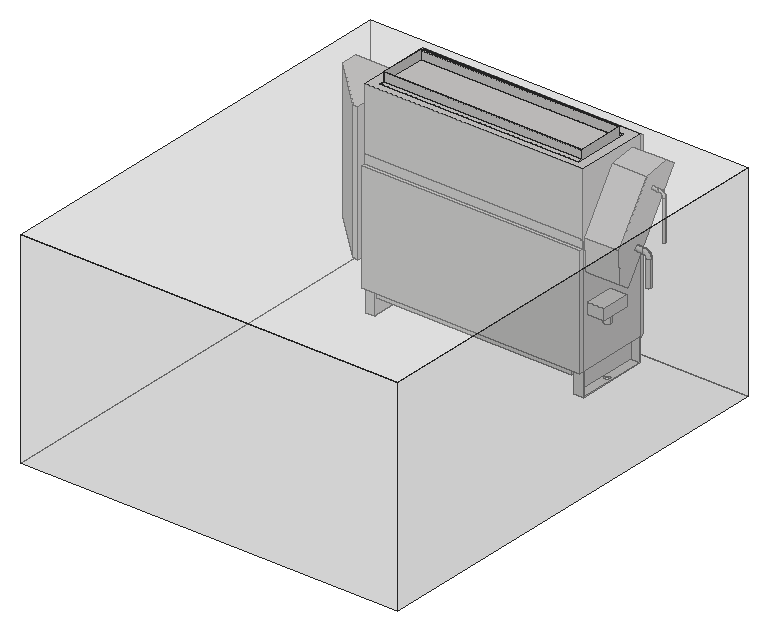
Revit family "outputfile", category 機械設備, Revit 2024
Family settings
  丸型コネクタ寸法 = 半径を使用
  パーツ タイプ = 標準
  OmniClass 番号 = 23.75.10.24.21.27.27
  OmniClass タイトル = Split System Air Conditioning Units
  作業面ベース = いいえ
  常に垂直 = はい
  ロード時にボイドで切り取り = いいえ
  注釈の向きを維持 = いいえ
  共有 = いいえ
  部屋計算ポイント = いいえ
Parameters (values of type "FXNQ25MAVE8")
  Description = ""
  製造元 = "Daikin"
  書き出し IFC クラス(タイプ) = "IfcUnitaryEquipmentType"
  定義済み IFC タイプ(タイプ) = "AIRCONDITIONINGUNIT"
  Cost = 0
  モデル = "FXNQ25MAVE8"
  Type Comments = ""
  Keynote = ""
  Type Image = (empty or 0)
  Assembly Code = ""
  w_hangerfixture = 0.0 mm
  w_dischargeflange = 564.0 mm
  w_body = 620.0 mm
  r_Liquid Pipe Size = Liquid Pipe Size / 2  # 3.2 mm
  r_Gas Pipe Size = Gas Pipe Size / 2  # 6.35 mm
  w_mounting foot = 830.0 mm
  r_Drain Pipe Size = Drain Pipe Size / 2  # 10.5 mm
  h_mountinghole = [h***] + 1.6 mm  # 1.6 mm
  lh_liquidpipe = 391.0 mm  # constant formula
  lh_gaspipe = 301.0 mm  # constant formula
  lh_drainpipe = 181.0 mm  # constant formula
  lh_antena = 583.4 mm  # constant formula
  ld_liquidpipe = 84.0 mm  # constant formula
  ld_gaspipe = 139.0 mm  # constant formula
  ld_drainpipe = 152.0 mm  # constant formula
  h*** = 0.0 mm  # constant formula
  w_front suction = 601.0 mm
  d_pipe_2 = 27.3 mm  # constant formula
  d_pipe_1 = 47.6 mm  # constant formula
  d_pipe = 71.2 mm  # constant formula
  d_body = 206.0 mm  # constant formula
  Width = 930.4 mm
  Voltage_comment_50Hz = "220-240"
  Voltage_50Hz = 220 V
  Version = "ver.1.0"
  Unit Type = "Concealed Floor Standing Type"
  Unit Mass Weight = 19.00 kg
  Unit Designation [instance] = ""
  Uniclass2015Version = "Products v1.30"
  Uniclass2015Title = "Variable refrigerant flow units"
  Uniclass2015Code = "Pr_70_65_03_94"
  URL = ""
  Total Heating Capacity [instance] = 0.000 kW
  Total Cooling Capacity [instance] = 0.000 kW
  Sound Pressure Level_M speed (dBA) = 0
  Sound Pressure Level_L speed (dBA) = 33
  Sound Pressure Level_H speed (dBA) = 36
  Sound Power Level_H speed (dB) = 0
  Series = "VRV Fan Coil Unit"
  Sensible Cooling Capacity [instance] = 0.000 kW
  SA Duct Size Width = w_dischargeflange - 2.0 mm  # 562.0 mm
  SA Duct Size Height = 130.0 mm  # constant formula
  Refrigerant Type = "R410A"
  Power Input (Heating) = 0.049 kW
  Power Input (Cooling) = 0.049 kW
  Phase_50Hz = 1
  Option Accessory 3 [instance] = ""
  Option Accessory 2 [instance] = ""
  Option Accessory 1 [instance] = ""
  Nominal Heating Capacity = 3.200 kW
  Nominal Cooling Capacity = 2.800 kW
  Minimum External Static Pressure = 0.00 Pa
  Minimum Circuit Amps_50Hz = 0.3 A
  Minimum Airflow = 360.00 m³/h
  Median Airflow = 0.00 m³/h
  Maximum Fuse Amps_50Hz = 15.0 A
  Maximum External Static Pressure = 0.00 Pa
  Maximum Airflow = 420.00 m³/h
  Material_Casing = DAIKIN_GalvanizedSteel_Casing_indoorunit
  Load Classification = HVAC
  Liquid Pipe Size = 6.4 mm
  Link_Nested Family [instance] = ""
  IfcVersion = "0"
  IfcExportType = "AIRCONDITIONINGUNIT"
  IfcExportAs = "IfcUnitaryEquipmentType"
  Height = 609.0 mm
  Heating Entering Wet Bulb Temperature [instance] = 0.00 °C
  Heating Entering Dry Bulb Temperature [instance] = 0.00 °C
  Heating Ambient Wet Bulb Temperature [instance] = 0.00 °C
  Heating Ambient Dry Bulb Temperature [instance] = 0.00 °C
  Heat Exchanger Type = "Cross Fin Coil"
  Gas Pipe Size = 12.7 mm
  Frequency_50Hz = 50 Hz
  Fan Type = "Sirocco Fan"
  Fan Drive = "Direct Drive"
  FCU Tag No. [instance] = ""
  Drain Pipe Size = 21.0 mm
  Design Supply Airflow [instance] = 0.00 m³/h
  Design External Static Pressure [instance] = 0.00 Pa
  Depth = 225.0 mm
  既定の高さ = 0.0 mm
  Cooling Entering Wet Bulb Temperature [instance] = 0.00 °C
  Cooling Entering Dry Bulb Temperature [instance] = 0.00 °C
  Cooling Ambient Wet Bulb Temperature [instance] = 0.00 °C
  Cooling Ambient Dry Bulb Temperature [instance] = 0.00 °C
  Clearance visibility [instance] = yes
  Clearance Top = 0.0 mm
  Clearance Right = 150.0 mm
  Clearance Rear = 20.0 mm
  Clearance Left = 0.0 mm
  Clearance Front = 1000.0 mm
  Clearance Bottom = 0.0 mm
Reference planes
  plane 1: y = 0
  plane 2: z = 0
  plane 3 "Center (Left/Right)": x = 0
  plane 4 "Center (Front/Back)": y = -103
  plane 5: y = -206
  plane 6: x = -310
  plane 7: x = 310
  plane 8: z = 584
  plane 9: z = 68
  plane 10 "Top": z = 609
  plane 11: z = 584
  plane 12: z = 0
  plane 13: x = -480
  plane 14: x = 594
  plane 15: y = -1218
  plane 16: y = 27
  plane 17 "Bottom": z = 0
  plane 18: x = -277
  plane 19: x = 279
  plane 20: x = -329
  plane 21 "Left": x = -480
  plane 22: z = 129
  plane 23: z = 518
  plane 24: z = 564.5
  plane 25: y = -32
  plane 26: x = 408.8
  plane 27 "ld_drainpipe": y = -152
  plane 28: z = 181
  plane 29: z = 301
  plane 30: z = 391
  plane 31: x = 337
  plane 32: x = 295
  plane 33: x = -295
  plane 34 "ld_liquidpipe": y = -84
  plane 35 "ld_gaspipe": y = -139
  plane 36: x = 444
  plane 37: z = 518.4
  plane 38: z = 388.6
  plane 39: x = 296.7
  plane 40: x = -296.7
  plane 41: x = -404.5
  plane 42: y = -42
  plane 43: y = -25.8
  plane 44 "Back": y = 7
  plane 45: y = -207
  plane 46 "Front": y = -218
  plane 47 "Right": x = 450.4
Forms (mm)
  Extrusion 1, solid, material "DAIKIN_GalvanizedSteel_Casing_indoorunit" <- "Material_Casing"
    sketch origin (0, 0, 0) x (1, 0, 0) y (0, 1, 0)
      loop
        line (-310, 0) -> (-310, -206) -> (310, -206) -> (310, 0) -> (-310, 0)
    from 68 to 584
  Extrusion 2, solid, material "DAIKIN_GalvanizedSteel_Casing_indoorunit" <- "Material_Casing"
    sketch origin (310, -206, 0) x (-1, 0, 0) y (0, 0, -1)
      loop
        line (620, -404) -> (620, -380) -> (0, -380) -> (0, -404) -> (620, -404)
    from 0 to 1
  Extrusion 3, solid, material "DAIKIN_GalvanizedSteel_Casing_indoorunit" <- "Material_Casing"
    sketch origin (310, -206, 0) x (-1, 0, 0) y (0, 0, -1)
      loop
        line (620, -380) -> (620, -68) -> (0, -68) -> (0, -380) -> (620, -380)
    from 0 to 12
  Extrusion 4, solid, material "DAIKIN_GalvanizedSteel_Casing_indoorunit" <- "Material_Casing"
    sketch origin (0, 0, 68) x (0, 1, 0) y (1, 0, 0)
      loop
        line (0, -277) -> (0, 279) -> (-206, 279) -> (-206, -277) -> (0, -277)
    from 0 to 19.6
  Extrusion 5, solid, material "DAIKIN_GalvanizedSteel_Casing_indoorunit" <- "Material_Casing"
    sketch origin (-310, -206, 0) x (0, 1, 0) y (0, 0, -1)
      loop
        circle (103, -448.5) r 12.5
      loop
        circle (103, -243.5) r 12.5
    from 0 to 19
  Extrusion 6, solid, material "DAIKIN_GalvanizedSteel_Casing_indoorunit" <- "Material_Casing"
    sketch origin (0, 0, 68) x (-1, 0, 0) y (0, -1, 0)
      loop
        line (480, 25.8) -> (480, 71.25) -> (345.25, 206) -> (329, 206) -> (329, 25.8) -> (480, 25.8)
    from 61 to 450
  Extrusion 7, solid, material "DAIKIN_GalvanizedSteel_Casing_indoorunit" <- "Material_Casing"
    sketch origin (310, 0, 0) x (0, -1, 0) y (0, 0, -1)
      loop
        line (5.208, -545.14) -> (32, -564.5) -> (104, -554.5) -> (202.913, -407.529) -> (197.289, -319.3) -> (168.604, -299.952) -> (5.208, -545.14)
    from 0 to 98.8
  Extrusion 8, solid, material "DAIKIN_GalvanizedSteel_Casing_indoorunit" <- "Material_Casing"
    sketch origin (310, 0, 0) x (0, -1, 0) y (0, 0, -1)
      loop
        line (192.5, -240) -> (192.5, -210) -> (111.5, -210) -> (111.5, -240) -> (192.5, -240)
    from 0 to 50
  Extrusion 9, solid, material "DAIKIN_GalvanizedSteel_Casing_indoorunit" <- "Material_Casing"
    sketch origin (310, -111.5, 210) x (-1, 0, 0) y (0, 1, 0)
      loop
        circle (-27, -40.5) r 10.5
    from 0 to 29
  Sweep 10, solid, material "DAIKIN_GalvanizedSteel_Casing_indoorunit" <- "Material_Casing"
    path origin (0, -84, 0) x (0, 0, 1) y (1, 0, 0)
      loop
        line (518.4, 408.8) -> (518.4, 431)
        arc (518.4, 431) -> (514.592, 440.192) -> (505.4, 444) r 13
        line (505.4, 444) -> (391, 444)
    profile origin (419.9, -84, 518.4) x (0, 0, -1) y (0, 1, 0)
      loop
        circle (0, 0) r 3.2
  Sweep 11, solid, material "DAIKIN_GalvanizedSteel_Casing_indoorunit" <- "Material_Casing"
    path origin (0, -139, 0) x (0, 0, 1) y (1, 0, 0)
      loop
        line (388.6, 408.8) -> (388.6, 431)
        arc (388.6, 431) -> (384.792, 440.192) -> (375.6, 444) r 13
        line (375.6, 444) -> (301, 444)
    profile origin (419.9, -139, 388.6) x (0, 0, -1) y (0, 1, 0)
      loop
        circle (0, 0) r 6.35
  Extrusion 12, void
    sketch origin (4267.2, 7, -304.8) x (0, 0, 1) y (1, 0, 0)
      loop
        line (552.8, -4568.2) -> (552.8, -4556.2) -> (522.8, -4556.2) -> (522.8, -4568.2) -> (552.8, -4568.2)
      loop
        line (552.8, -3978.2) -> (552.8, -3966.2) -> (522.8, -3966.2) -> (522.8, -3978.2) -> (552.8, -3978.2)
    from 0 to -5
  Extrusion 13, void
    sketch origin (4267.2, 7, -304.8) x (0, 0, 1) y (1, 0, 0)
      loop
        line (744.8, -4568.2) -> (744.8, -4556.2) -> (714.8, -4556.2) -> (714.8, -4568.2) -> (744.8, -4568.2)
      loop
        line (744.8, -3978.2) -> (744.8, -3966.2) -> (714.8, -3966.2) -> (714.8, -3978.2) -> (744.8, -3978.2)
    from 0 to -5
  Extrusion 14, solid, material "DAIKIN_GalvanizedSteel_Casing_indoorunit" <- "Material_Casing"
    sketch origin (0, 0, 0) x (0, 1, 0) y (0, 0, 1)
      loop
        line (0, 584) -> (0, 62.5) -> (7, 70.007) -> (7, 576.493) -> (0, 584)
    from -310 to 310
Cuts and joins
  Extrusion 12, Extrusion 13 cuts Extrusion 1
  Extrusion 12 cuts Extrusion 3
  Extrusion 12, Extrusion 13 cuts Extrusion 14
Dimensions and locks
  "d_body": plane 1 to plane 5
  equal spacing: plane 5, plane 4 "Center (Front/Back)", plane 1
  "w_body": plane 6 to plane 7
  equal spacing: plane 6, plane 3 "Center (Left/Right)", plane 7
  "Clearance Top": plane 11 to plane 8
  locked: plane 10 "Top" to plane 8 at 25
  "h***": plane 17 "Bottom" to plane 2
  "Height": plane 10 "Top" to plane 17 "Bottom"
  locked: plane 8 to plane 9 at 516
  "Clearance Bottom": plane 17 "Bottom" to plane 12
  locked: Extrusion 2 sketch curve to Extrusion 2 sketch curve at 24
  locked: Extrusion 2 sketch curve to plane 9 at 312
  locked: plane 6 to plane 18 at 33
  locked: plane 19 to plane 7 at 31
  plane 18 to plane 19 = 556.0 mm
  locked: Extrusion 5 sketch curve to plane 9 at 175.5
  locked: Extrusion 5 sketch curve to Extrusion 5 sketch curve at 205
  locked: plane 6 to plane 20 at 19
  plane 23 to plane 22 to plane 17 "Bottom" = 389.0 mm locked, 129.0 mm locked
  locked: plane 21 "Left" to plane 6 at 170
  locked: plane 10 "Top" to plane 24 at 44.5
  locked: plane 5 to plane 25 at 174
  locked: plane 7 to plane 26 at 98.8
  locked: Extrusion 8 sketch curve to Extrusion 8 sketch curve at 30
  locked: Extrusion 8 sketch curve to Extrusion 8 sketch curve at 81
  locked: Extrusion 8 sketch curve to plane 17 "Bottom" at 240
  locked: plane 27 "ld_drainpipe" to Extrusion 8 sketch curve at 40.5
  "lh_drainpipe": plane 28 to plane 17 "Bottom"
  "lh_gaspipe": plane 29 to plane 17 "Bottom"
  "lh_liquidpipe": plane 30 to plane 17 "Bottom"
  locked: plane 33 to plane 6 at 15
  locked: plane 7 to plane 32 at 15
  locked: plane 31 to plane 32 at 42
  locked: plane 36 to plane 7 at 134
  locked: plane 10 "Top" to plane 37 at 90.6
  locked: plane 10 "Top" to plane 38 at 220.4
  locked: plane 6 to plane 40 at 13.3
  locked: plane 39 to plane 7 at 13.3
  equal spacing: plane 32, plane 3 "Center (Left/Right)", plane 33
  plane 32 to plane 33 = 590.0 mm
  locked: Extrusion 12 sketch curve to Extrusion 12 sketch curve at 30  (x2)
  locked: Extrusion 12 sketch curve to Extrusion 12 sketch curve at 12  (x2)
  locked: Extrusion 12 sketch curve to plane 33 at 6
  locked: Extrusion 12 sketch curve to plane 17 "Bottom" at 218  (x2)
  locked: plane 32 to Extrusion 12 sketch curve at 6
  locked: Extrusion 13 sketch curve to Extrusion 13 sketch curve at 12  (x2)
  locked: Extrusion 13 sketch curve to Extrusion 13 sketch curve at 30  (x2)
  locked: Extrusion 13 sketch curve to plane 33 at 6
  locked: plane 32 to Extrusion 13 sketch curve at 6
  locked: Extrusion 13 sketch curve to plane 17 "Bottom" at 410  (x2)
  locked: plane 21 "Left" to plane 41 at 75.5
  locked: plane 42 to plane 1 at 42
  locked: plane 43 to plane 5 at 180.2
  locked: Extrusion 6 sketch curve to plane 20 at 16.25
  locked: plane 43 to Extrusion 6 sketch curve at 45.45
  locked: plane 1 to plane 44 "Back" at 7
  "ld_liquidpipe": plane 34 "ld_liquidpipe" to plane 1
  "ld_gaspipe": plane 35 "ld_gaspipe" to plane 1
  "ld_drainpipe": plane 27 "ld_drainpipe" to plane 1
  locked: plane 5 to plane 45 at 1
  plane 5 to plane 46 "Front" = 12.0 mm
  locked: plane 9 to Extrusion 14 sketch curve at 5.5
  "Width": plane 21 "Left" to plane 47 "Right"
  "Depth": plane 46 "Front" to plane 44 "Back"
  "Clearance Left": plane 21 "Left" to plane 13
  "Clearance Right": plane 36 to plane 14
  "Clearance Rear": plane 44 "Back" to plane 16
  "Clearance Front": plane 46 "Front" to plane 15
  "Drain Pipe Size": diameter of Extrusion 9 sketch curve
  "Gas Pipe Size": diameter of Sweep 11 sketch curve
  locked: Extrusion 6 sketch curve to Extrusion 6 sketch curve (angle 45.00°)
  locked: Extrusion 14 sketch curve to cut or joined group of Extrusion 1, Extrusion 12, Extrusion 13 (angle 43.00°)
  locked: cut or joined group of Extrusion 1, Extrusion 12, Extrusion 13 to Extrusion 14 sketch curve (angle 43.00°)
  aligned and locked: level to plane 2
  aligned and locked: plane 1 to Extrusion 1 sketch curve
  aligned and locked: plane 6 to Extrusion 1 sketch curve
  aligned and locked: plane 5 to Extrusion 1 sketch curve
  aligned and locked: Extrusion 1 sketch curve to plane 7
  aligned and locked: plane 8 to Extrusion 1
  aligned and locked: Extrusion 1 to plane 9
  aligned and locked: nested 1 to plane 4 "Center (Front/Back)"
  aligned and locked: plane 4 "Center (Front/Back)" to nested 2
  aligned and locked: plane 8 to nested 3
  aligned and locked: nested 3 to plane 10 "Top"
  aligned and locked: plane 3 "Center (Left/Right)" to nested 3
  aligned and locked: nested 4 to plane 16
  aligned and locked: nested 4 to plane 15
  aligned and locked: plane 11 to nested 4
  aligned and locked: plane 12 to nested 4
  aligned and locked: plane 13 to nested 4
  aligned and locked: plane 14 to nested 4
  aligned and locked: nested 5 to plane 4 "Center (Front/Back)"
  aligned and locked: nested 6 to plane 4 "Center (Front/Back)"
  aligned and locked: nested 2 to plane 6
  aligned and locked: nested 1 to plane 7
  aligned and locked: plane 6 to Extrusion 2 sketch curve
  aligned and locked: Extrusion 2 sketch curve to plane 7
  aligned and locked: plane 6 to Extrusion 3 sketch curve
  aligned and locked: Extrusion 3 sketch curve to plane 7
  aligned and locked: Extrusion 3 sketch curve to Extrusion 2
  aligned and locked: plane 9 to Extrusion 3 sketch curve
  aligned and locked: plane 1 to Extrusion 4 sketch curve
  aligned and locked: plane 5 to Extrusion 4 sketch curve
  aligned and locked: plane 18 to Extrusion 4 sketch curve
  aligned and locked: Extrusion 4 sketch curve to plane 19
  aligned and locked: plane 4 "Center (Front/Back)" to Extrusion 5 sketch curve  (x2)
  aligned and locked: Extrusion 5 to plane 20
  aligned and locked: plane 21 "Left" to Extrusion 6 sketch curve
  aligned and locked: Extrusion 6 sketch curve to plane 20
  aligned and locked: plane 23 to Extrusion 6
  aligned and locked: Extrusion 6 to plane 22
  aligned and locked: plane 26 to Extrusion 7
  aligned and locked: plane 25 to Extrusion 7 sketch curve
  aligned and locked: plane 24 to Extrusion 7 sketch curve
  aligned and locked: plane 31 to Extrusion 9 sketch curve
  aligned and locked: plane 27 "ld_drainpipe" to Extrusion 9 sketch curve
  aligned and locked: Extrusion 9 to plane 28
  aligned and locked: plane 36 to Sweep 10 sketch curve
  aligned and locked: Sweep 10 sketch curve to plane 37
  aligned and locked: plane 30 to Sweep 10 sketch curve
  aligned and locked: plane 26 to Sweep 10 sketch curve
  aligned and locked: plane 29 to Sweep 11 sketch curve
  aligned and locked: plane 26 to Sweep 11 sketch curve
  aligned and locked: Sweep 11 sketch curve to plane 38
  aligned and locked: plane 36 to Sweep 11 sketch curve
  aligned and locked: nested 5 to plane 39
  aligned and locked: plane 40 to nested 6
  aligned and locked: nested 7 to plane 28
  aligned and locked: plane 9 to nested 1
  aligned and locked: nested 2 to plane 9
  aligned and locked: plane 31 to nested 7
  aligned and locked: nested 8 to plane 29
  aligned and locked: nested 8 to plane 36
  aligned and locked: nested 9 to plane 30
  aligned and locked: nested 9 to plane 36
  aligned and locked: nested 10 to plane 22
  aligned and locked: nested 10 to plane 41
  aligned and locked: plane 4 "Center (Front/Back)" to nested 10
  aligned and locked: nested 3 to plane 42
  aligned and locked: Extrusion 6 sketch curve to plane 43
  aligned and locked: Extrusion 6 sketch curve to plane 5
  aligned and locked: plane 11 to Extrusion 14 sketch curve
  aligned and locked: Extrusion 14 to plane 6
  aligned and locked: plane 7 to Extrusion 14
  aligned and locked: nested 9 to plane 34 "ld_liquidpipe"
  aligned and locked: nested 8 to plane 35 "ld_gaspipe"
  aligned and locked: nested 7 to plane 27 "ld_drainpipe"
  aligned and locked: Extrusion 2 to plane 45
  aligned and locked: cut or joined group of Extrusion 3, Extrusion 12 to plane 46 "Front"
  aligned and locked: Extrusion 14 sketch curve to plane 44 "Back"
Automatic sketch dimensions
  Extrusion 1 sketch curve to plane 5 = 0.0 mm
  Extrusion 1 to Extrusion 7 sketch curve = 5.208 mm
  Extrusion 1 to Extrusion 7 sketch curve = 29.5 mm
  Extrusion 7 sketch curve to Extrusion 7 sketch curve = 72.0 mm
  Extrusion 1 to Extrusion 7 sketch curve = 37.396 mm
  Extrusion 1 to Extrusion 7 sketch curve = 8.711 mm
  Extrusion 1 to Extrusion 7 sketch curve = 3.087 mm
  Extrusion 7 sketch curve to Extrusion 7 sketch curve = 19.36 mm
  Extrusion 1 to Extrusion 7 sketch curve = 176.471 mm
  Extrusion 7 sketch curve to Extrusion 7 sketch curve = 88.229 mm
  Extrusion 7 sketch curve to Extrusion 7 sketch curve = 19.348 mm
  Sweep 10 sketch curve to profile plane = 0.0 mm  (x2)
  Sweep 10 sketch curve to plane 23 = 12.6 mm
  Sweep 11 sketch curve to plane 38 = 13.0 mm
  Extrusion 14 sketch curve to plane 1 = 0.0 mm
  Sweep 11 sketch curve to plane 35 "ld_gaspipe" = 0.0 mm
  Sweep 11 sketch curve to profile plane = 0.0 mm
  radius of Extrusion 5 sketch curve = 12.5 mm  (x2)
  radius of Sweep 10 sketch curve = 3.2 mm
Nested families
  nested 1: "daikin_hangerfixture_FXNQ-MAVE8" at (310, -103, 68) x (0, -1, 0) z (0, 0, 1), type "daikin_hangerfixture_FXNQ-MAVE8"
  nested 2: "daikin_hangerfixture_FXNQ-MAVE8" at (-310, -103, 68) x (0, -1, 0) z (0, 0, 1), type "daikin_hangerfixture_FXNQ-MAVE8"
  nested 3: "daikin_ductflange_FXNQ-MAVE8" at (0, -186.5, 584) x (1, 0, 0) z (0, 1, 0), width <- "w_dischargeflange", material <- "Material_Casing", type "daikin_ductflange_FXNQ-MAVE8"
    with width 564.0 mm, material DAIKIN_GalvanizedSteel_Casing_indoorunit, height 157.0 mm, depth 25.0 mm
  nested 4: "daikin_clearancespace" at (57, -595.5, 292.119), visible <- "Clearance visibility", show <- "Clearance visibility", Link_Nested Family <- "Link_Nested Family", type "daikin_clearancespace"
    with width 1074.0 mm, show yes, height 584.0 mm, depth 1245.0 mm, Link_Nested Family ""
  nested 5: "daikin_mountinghole" at (296.7, -103, 0), Link_Nested Family <- "Link_Nested Family", h_mountinghole <- "h_mountinghole", l_antenna <- "lh_antena", type "daikin_mountinghole"
    with show yes, l_antenna 583.4 mm, h_mountinghole 1.6 mm, Link_Nested Family ""
  nested 6: "daikin_mountinghole" at (-296.7, -103, 0), Link_Nested Family <- "Link_Nested Family", h_mountinghole <- "h_mountinghole", l_antenna <- "lh_antena", type "daikin_mountinghole"
    with show yes, l_antenna 583.4 mm, h_mountinghole 1.6 mm, Link_Nested Family ""
  nested 7: "daikin_connector_rotate2" at (337, -152, 210) x (1, 0, 0) z (0, -1, 0), radius <- "r_Drain Pipe Size", type "daikin_connector_rotate2"
    with radius 10.5 mm, length 29.0 mm, angle_vertical 90.00°, show_face no
  nested 8: "daikin_connector_rotate2" at (444, -139, 381) x (1, 0, 0) z (0, -1, 0), radius <- "r_Gas Pipe Size", type "daikin_connector_rotate2"
    with radius 6.35 mm, length 80.0 mm, angle_vertical 90.00°, show_face no
  nested 9: "daikin_connector_rotate2" at (444, -84, 491) x (1, 0, 0) z (0, -1, 0), radius <- "r_Liquid Pipe Size", type "daikin_connector_rotate2"
    with radius 3.2 mm, length 100.0 mm, angle_vertical 90.00°, show_face no
  nested 10: "daikin_connector_rotate2" at (-404.5, -103, 229) x (1, 0, 0) z (0, -1, 0), type "daikin_connector_rotate2"
    with radius 10.0 mm, length 100.0 mm, angle_vertical 90.00°, show_face no
Connectors
  hvac at (0, -108, 609), driven by "SA Duct Size Height", driven by "SA Duct Size Width"
    settings: on nested 3, index 1, duct flow 0.00 m³/h, flow factor 0, pres drop 0.00 Pa, loss coef 0, conn angle 0.00°, conn width 562.0 mm, conn height 130.0 mm, conn diameter 609.6 mm, duct sys type 1, conn prof type 1, flow config 0, flow direction 2, loss method 4, conn ref index -1, conn util no, is conn primary yes, conn desc "SA Duct"
  electrical at (-404.5, -103, 129), driven by "Load Classification"
    settings: on nested 10, index 5, voltage 0 V, apparent load 0 VA, apparent load phase1 0 VA, apparent load phase2 0 VA, apparent load phase3 0 VA, power factor 1, load classification "HVAC", number of poles 1, system type 30, power factor state 1, is connector primary yes, connector utility no, sub classification motor no, connector description "Power Supply"
  piping at (444, -84, 391), diameter 6.4, driven by "r_Liquid Pipe Size"
    settings: on Sweep 10, index 6, connector inside diameter 609.6 mm, connector length 0.0 mm, flow factor 0, pipe flow 0.00 m³/h, pressure drop 0.0 Pa, fitting loss kfactor 0, connector angle 0.00°, fixture units 0, engagement length 0.0 mm, angle of deflection 0.00°, flow configuration 1, flow direction 1, fitting loss method 0, system type 29, joint type 0, gender type 0, connector reference index -1, connector utility 0, adjustable connector no, is connector primary yes, connector description "Refrigerant Liquid Piping"
  piping at (444, -139, 301), diameter 12.7, driven by "r_Gas Pipe Size"
    settings: on Sweep 11, index 7, connector inside diameter 609.6 mm, connector length 0.0 mm, flow factor 0, pipe flow 0.00 m³/h, pressure drop 0.0 Pa, fitting loss kfactor 0, connector angle 0.00°, fixture units 0, engagement length 0.0 mm, angle of deflection 0.00°, flow configuration 1, flow direction 2, fitting loss method 0, system type 29, joint type 0, gender type 0, connector reference index -1, connector utility 0, adjustable connector no, is connector primary no, connector description "Refrigerant Gas Piping"
  piping at (337, -152, 181), diameter 21, driven by "r_Drain Pipe Size"
    settings: on Extrusion 9, index 8, connector inside diameter 609.6 mm, connector length 0.0 mm, flow factor 0, pipe flow 0.00 m³/h, pressure drop 0.0 Pa, fitting loss kfactor 0, connector angle 0.00°, fixture units 0, engagement length 0.0 mm, angle of deflection 0.00°, flow configuration 1, flow direction 2, fitting loss method 4, system type 16, joint type 0, gender type 0, connector reference index -1, connector utility 0, adjustable connector no, is connector primary no, connector description "Condensate Drain Piping"
Definition of nested family "daikin_hangerfixture_FXNQ-MAVE8"
  Parameters (values of type "daikin_hangerfixture_FXNQ-A2VEB")
    width = 202.0 mm
    material = none
    height = 68.0 mm
    depth = 28.2 mm
    Default Elevation = 0.0 mm
  Reference planes
    plane 1 "Center (Front/Back)": y = 0
    plane 2: z = 0
    plane 3 "Center (Left/Right)": x = 0
    plane 4: y = -28.2
    plane 5: x = -101
    plane 6: x = 101
    plane 7: z = -68
    plane 8: x = 99.4
    plane 9: x = -99.4
  Forms (mm)
    Extrusion 1, solid, material <- "material"
      sketch origin (0, 0, 0) x (0, 1, 0) y (0, 0, 1)
        loop
          line (-26.6, 0) -> (-28.2, 0) -> (-28.2, -66.4)
          arc (-28.2, -66.4) -> (-27.731, -67.531) -> (-26.6, -68) r 1.6
          line (-26.6, -68) -> (0, -68) -> (0, -66.4) -> (-26.6, -66.4) -> (-26.6, 0)
      from -101 to 101
    Extrusion 2, solid, material <- "material"
      sketch origin (0, 0, 0) x (0, 1, 0) y (0, 0, 1)
        loop
          line (-26.6, -66.4) -> (0, -66.4) -> (0, 0) -> (-26.6, 0) -> (-26.6, -66.4)
      from 99.4 to 101
    Extrusion 3, solid, material <- "material"
      sketch origin (-265, -1.4, 0) x (0, 1, 0) y (0, 0, 1)
        loop
          line (-25.2, -66.4) -> (1.4, -66.4) -> (1.4, 0) -> (-25.2, 0) -> (-25.2, -66.4)
      from 164 to 165.6
    Extrusion 4, void
      sketch origin (0, 0, -66.4) x (1, 0, 0) y (0, -1, 0)
        loop
          circle (0, 13.3) r 7.5
      from -24.55 to 101.68
  Cuts and joins
    Extrusion 4 cuts Extrusion 1
    Extrusion 4 cuts Extrusion 2
    Extrusion 4 cuts Extrusion 3
    joined: Extrusion 1, Extrusion 2, Extrusion 3
  Dimensions and locks
    "width": plane 5 to plane 6
    "depth": plane 4 to plane 1 "Center (Front/Back)"
    equal spacing: plane 5, plane 3 "Center (Left/Right)", plane 6
    "height": level to plane 7
    locked: plane 8 to plane 6 at 1.6
    locked: plane 5 to plane 9 at 1.6
    plane 4 to Extrusion 1 sketch curve = 1.6 mm
    locked: Extrusion 4 sketch curve to plane 1 "Center (Front/Back)" at 13.3
    diameter of Extrusion 4 sketch curve = 15.0 mm
    aligned and locked: level to plane 2
    aligned and locked: Extrusion 1 to plane 5
    aligned and locked: plane 6 to Extrusion 1
    aligned and locked: Extrusion 1 to plane 1 "Center (Front/Back)"
    aligned and locked: plane 6 to Extrusion 2
    aligned and locked: Extrusion 2 to plane 8
    aligned and locked: Extrusion 3 to plane 5
    aligned and locked: plane 9 to Extrusion 3
    aligned and locked: plane 1 "Center (Front/Back)" to Extrusion 3 sketch curve
    aligned and locked: plane 1 "Center (Front/Back)" to Extrusion 2 sketch curve
    aligned and locked: Extrusion 1 sketch curve to plane 4
    aligned and locked: Extrusion 3 sketch curve to Extrusion 1
    aligned and locked: Extrusion 3 sketch curve to plane 2
    aligned and locked: Extrusion 2 sketch curve to Extrusion 1
    aligned and locked: plane 2 to Extrusion 2 sketch curve
    aligned and locked: plane 3 "Center (Left/Right)" to Extrusion 4 sketch curve
  Automatic sketch dimensions
    Extrusion 1 sketch curve to level = 0.0 mm
    Extrusion 1 sketch curve to plane 7 = 0.0 mm
    Extrusion 1 sketch curve to plane 1 "Center (Front/Back)" = 0.0 mm
    Extrusion 1 sketch curve to Extrusion 1 sketch curve = 0.0 mm  (x2)
    plane 7 to Extrusion 3 sketch curve = 1.6 mm
    plane 7 to Extrusion 2 sketch curve = 1.6 mm
Definition of nested family "daikin_ductflange_FXNQ-MAVE8"
  Parameters (values of type "daikin_ductflange_FXNQ-MAVE8")
    width [instance] = 662.0 mm
    material [instance] = none
    height [instance] = 157.0 mm
    depth [instance] = 25.0 mm
    Default Elevation = 0.0 mm
  Reference planes
    plane 1 "Center (Front/Back)": y = 0
    plane 2: z = 0
    plane 3 "Center (Left/Right)": x = 0
    plane 4: y = -25
    plane 5: x = -331
    plane 6: x = 331
    plane 7 "Top": z = 157
    plane 8: y = -1
    plane 9: z = 143.5
    plane 10: z = 13.5
    plane 11 "Center (Elevation)": z = 78.5
    plane 12: x = -330
    plane 13: x = 330
  Forms (mm)
    Extrusion 1, solid, material <- "material"
      sketch origin (0, 0, 0) x (1, 0, 0) y (0, 0, 1)
        loop
          line (-331, 157) -> (-331, 0) -> (331, 0) -> (331, 157) -> (-331, 157)
        loop
          line (-330, 143.5) -> (-330, 13.5) -> (330, 13.5) -> (330, 143.5) -> (-330, 143.5)
      from 0 to 1
    Extrusion 2, solid, material <- "material"
      sketch origin (0, 0, 0) x (1, 0, 0) y (0, 1, 0)
        loop
          line (-331, -1) -> (-331, -25) -> (-330, -25) -> (-330, -1) -> (-331, -1)
        loop
          line (330, -1) -> (330, -25) -> (331, -25) -> (331, -1) -> (330, -1)
      from 13.5 to 143.5
    Extrusion 3, solid, material <- "material"
      sketch origin (0, 0, 0) x (0, 1, 0) y (0, 0, 1)
        loop
          line (-1, 143.5) -> (-1, 144.5) -> (-25, 144.5) -> (-25, 143.5) -> (-1, 143.5)
        loop
          line (-1, 13.5) -> (-25, 13.5) -> (-25, 12.5) -> (-1, 12.5) -> (-1, 13.5)
      from -331 to 331
  Cuts and joins
    joined: Extrusion 1, Extrusion 2, Extrusion 3
  Dimensions and locks
    "height": plane 7 "Top" to plane 2
    "width": plane 5 to plane 6
    equal spacing: plane 5, plane 3 "Center (Left/Right)", plane 6
    "depth": plane 1 "Center (Front/Back)" to plane 4
    locked: plane 8 to plane 1 "Center (Front/Back)" at 1
    equal spacing: plane 7 "Top", plane 11 "Center (Elevation)", plane 2
    locked: Extrusion 3 sketch curve to Extrusion 2 at 1  (x2)
    locked: plane 12 to plane 5 at 1
    locked: plane 6 to plane 13 at 1
    plane 9 to plane 11 "Center (Elevation)" to plane 10 = 65.0 mm locked, 65.0 mm locked
    aligned and locked: level to plane 2
    aligned and locked: Extrusion 1 sketch curve to plane 7 "Top"
    aligned and locked: plane 5 to Extrusion 1 sketch curve
    aligned and locked: Extrusion 1 sketch curve to plane 6
    aligned and locked: plane 2 to Extrusion 1 sketch curve
    aligned and locked: Extrusion 1 to plane 8
    aligned and locked: plane 9 to Extrusion 2
    aligned and locked: Extrusion 2 to plane 10
    aligned and locked: plane 8 to Extrusion 3 sketch curve
    aligned and locked: Extrusion 3 sketch curve to plane 9
    aligned and locked: Extrusion 3 sketch curve to plane 8
    aligned and locked: Extrusion 3 sketch curve to plane 10
    aligned and locked: Extrusion 3 to plane 5
    aligned and locked: plane 6 to Extrusion 3
    aligned and locked: plane 4 to Extrusion 3 sketch curve
    aligned and locked: Extrusion 3 sketch curve to plane 4
    aligned and locked: plane 5 to Extrusion 2 sketch curve
    aligned and locked: Extrusion 2 sketch curve to plane 12
    aligned and locked: Extrusion 2 sketch curve to plane 6
    aligned and locked: plane 13 to Extrusion 2 sketch curve
    aligned and locked: Extrusion 2 sketch curve to plane 8
    aligned and locked: plane 4 to Extrusion 2 sketch curve
    aligned and locked: plane 12 to Extrusion 1 sketch curve
    aligned and locked: Extrusion 1 sketch curve to plane 13
    aligned and locked: Extrusion 1 sketch curve to plane 9
    aligned and locked: plane 10 to Extrusion 1 sketch curve
  Automatic sketch dimensions
    Extrusion 2 sketch curve to plane 4 = 0.0 mm
    Extrusion 2 sketch curve to plane 8 = 0.0 mm
Definition of nested family "daikin_clearancespace"
  Parameters (values of type "daikin_clearancespace")
    width [instance] = 1823.963 mm
    show [instance] = yes
    material = none
    height [instance] = 1359.762 mm
    depth [instance] = 880.0 mm
    Default Elevation = 0.0 mm
    Link_Nested Family [instance] = ""
  Reference planes
    plane 1 "Center (Front/Back)": y = 0
    plane 2 "Center (Elevation)": z = -0.119
    plane 3 "Center (Left/Right)": x = 0
    plane 4: y = 440
    plane 5: y = -440
    plane 6 "Right": x = 911.982
    plane 7 "Left": x = -911.982
    plane 8 "Top": z = 679.762
    plane 9 "Bottom": z = -680
  Forms (mm)
    Extrusion 1, solid, material <- "material", visible <- "show"
      sketch origin (0, 0, 0) x (1, 0, 0) y (0, 1, 0)
        loop
          line (-911.982, 440) -> (-911.982, -440) -> (911.982, -440) -> (911.982, 440) -> (-911.982, 440)
      from -680 to 679.762
  Lines and regions (mm)
    symbolic lines, visible <- "show"
      curve 1: line (911.982, 440, 0) -> (-911.982, 440, 0)
      curve 2: line (-911.982, 440, 0) -> (-911.982, -440, 0)
      curve 3: line (-911.982, -440, 0) -> (911.982, -440, 0)
      curve 4: line (911.982, -440, 0) -> (911.982, 440, 0)
      curve 5: line (911.982, 0, 679.762) -> (-911.982, 0, 679.762)
      curve 6: line (911.982, 0, -680) -> (911.982, 0, 679.762)
      curve 7: line (-911.982, 0, -680) -> (911.982, 0, -680)
      curve 8: line (-911.982, 0, 679.762) -> (-911.982, 0, -680)
      curve 9: line (0, 440, 679.762) -> (0, -440, 679.762)
      curve 10: line (0, -440, 679.762) -> (0, -440, -680)
      curve 11: line (0, 440, -680) -> (0, 440, 679.762)
      curve 12: line (0, -440, -680) -> (0, 440, -680)
  Dimensions and locks
    "width": plane 7 "Left" to plane 6 "Right"
    "depth": plane 4 to plane 5
    "height": plane 8 "Top" to plane 9 "Bottom"
    equal spacing: plane 7 "Left", plane 3 "Center (Left/Right)", plane 6 "Right"
    equal spacing: plane 4, plane 1 "Center (Front/Back)", plane 5
    equal spacing: plane 8 "Top", plane 2 "Center (Elevation)", plane 9 "Bottom"
    aligned and locked: level to plane 2 "Center (Elevation)"
    aligned and locked: Extrusion 1 sketch curve to plane 4
    aligned and locked: plane 7 "Left" to Extrusion 1 sketch curve
    aligned and locked: Extrusion 1 sketch curve to plane 5
    aligned and locked: Extrusion 1 sketch curve to plane 6 "Right"
    aligned and locked: plane 8 "Top" to Extrusion 1
    aligned and locked: curve 1 to Extrusion 1
    aligned and locked: curve 2 to Extrusion 1
    aligned and locked: curve 3 to Extrusion 1
    aligned and locked: curve 4 to Extrusion 1
    aligned and locked: curve 5 to Extrusion 1
    aligned and locked: curve 6 to Extrusion 1
    aligned and locked: curve 7 to Extrusion 1
    aligned and locked: curve 8 to Extrusion 1
    aligned and locked: curve 9 to Extrusion 1
    aligned and locked: curve 10 to Extrusion 1
    aligned and locked: curve 11 to Extrusion 1
    aligned and locked: curve 12 to Extrusion 1
    aligned and locked: Extrusion 1 to plane 9 "Bottom"
Definition of nested family "daikin_mountinghole"
  Parameters (values of type "daikin_mountinghole")
    Default Elevation = 1219.2 mm
    Type Comments = "mountinghole"
    show [instance] = yes
    material = none
    l_centerline = 100.0 mm
    l_antenna [instance] = 100.0 mm
    h_mountinghole [instance] = 0.0 mm
    d_circle = 30.0 mm
    Link_Nested Family [instance] = ""
  Reference planes
    plane 1 "Center (Front/Back)": y = 0
    plane 2: z = 0
    plane 3 "Center (Left/Right)": x = 0
    plane 4: y = 50
    plane 5: x = -50
    plane 6: x = 50
    plane 7: y = -50
    plane 8 "h_mountinghole": z = 0
    plane 9: z = 100
  Lines and regions (mm)
    model lines, detail levels fine
      curve 1: circle (0, 0, 0) r 15 normal (0, 0, 1)
      curve 2: line (-50, 0, 0) -> (50, 0, 0)
      curve 3: line (0, 50, 0) -> (0, -50, 0)
    symbolic lines, detail levels fine
      curve 4: circle (0, 0, 0) r 15 normal (0, 0, 1)
      curve 5: line (-50, 0, 0) -> (50, 0, 0)
      curve 6: line (0, 50, 0) -> (0, -50, 0)
    model lines
      curve 7: line (0, 0, 100) -> (0, 0, 0)
  Dimensions and locks
    equal spacing: plane 4, plane 1 "Center (Front/Back)", plane 7
    "l_centerline": plane 4 to plane 7
    equal spacing: plane 5, plane 3 "Center (Left/Right)", plane 6
    "l_centerline": plane 5 to plane 6
    "l_antenna": plane 9 to plane 8 "h_mountinghole"
    "h_mountinghole": plane 8 "h_mountinghole" to plane 2
    "d_circle": diameter of curve 1
    "d_circle": diameter of curve 4
    aligned and locked: level to plane 2
    aligned and locked: plane 1 "Center (Front/Back)" to curve 1
    aligned and locked: plane 3 "Center (Left/Right)" to curve 1
    aligned and locked: plane 1 "Center (Front/Back)" to curve 2
    aligned and locked: curve 3 to plane 3 "Center (Left/Right)"
    aligned and locked: plane 6 to curve 2
    aligned and locked: plane 5 to curve 2
    aligned and locked: plane 4 to curve 3
    aligned and locked: plane 7 to curve 3
    aligned and locked: plane 1 "Center (Front/Back)" to curve 4
    aligned and locked: plane 3 "Center (Left/Right)" to curve 4
    aligned and locked: plane 6 to curve 5
    aligned and locked: plane 5 to curve 5
    aligned and locked: plane 1 "Center (Front/Back)" to curve 5
    aligned and locked: plane 4 to curve 6
    aligned and locked: plane 7 to curve 6
    aligned and locked: curve 6 to plane 3 "Center (Left/Right)"
    aligned and locked: curve 7 to plane 3 "Center (Left/Right)"
    aligned and locked: plane 9 to curve 7
    aligned and locked: plane 8 "h_mountinghole" to curve 7
Definition of nested family "daikin_connector_rotate2"
  Parameters (values of type "daikin_connector_rotate2")
    show_face = yes
    radius [instance] = 10.0 mm
    length [instance] = 600.0 mm
    d_surface = 10.0 mm
    angle_vertical [instance] = 90.00°
    Default Elevation = 0.0 mm
  Reference planes
    plane 1 "Center (Front/Back)": y = 0
    plane 2: z = 0
    plane 3 "Center (Left/Right)": x = 0
  Forms (mm)
    Extrusion 1, solid, visible <- "show_face"
      sketch origin (0, -600, 0) x (1, 0, 0) y (0, 0, 1)
        loop
          circle (0, 0) r 10
      from 0 to -10
  Lines and regions (mm)
    reference lines
      curve 1: line (0, 0, 0) -> (0, -600, 0)
    symbolic lines
      curve 2: circle (0, 0, 0) r 5 normal (0, 0, 1)
    model lines, visible <- "show_face"
      curve 3: line (0, 0, 0) -> (0, -600, 0)
  Dimensions and locks
    "length": curve 1 to curve 1
    "length": curve 3 to curve 3
    "d_surface": Extrusion 1 to Extrusion 1
    "radius": radius of Extrusion 1 sketch curve
    "angle_vertical": angle curve 1 to plane 1 "Center (Front/Back)"
    "angle_vertical": angle curve 3 to plane 1 "Center (Front/Back)"
    aligned and locked: level to plane 2
    aligned and locked: plane 1 "Center (Front/Back)" to curve 1
    aligned and locked: plane 2 to curve 1
    aligned and locked: plane 1 "Center (Front/Back)" to curve 2
    aligned and locked: plane 3 "Center (Left/Right)" to curve 2
    aligned and locked: plane 1 "Center (Front/Back)" to curve 3
    aligned and locked: plane 2 to curve 3
    aligned and locked: Extrusion 1 to Extrusion 1
  Automatic sketch dimensions
    Extrusion 1 sketch curve to level = 0.0 mm
    Extrusion 1 sketch curve to plane 3 "Center (Left/Right)" = 0.0 mm
    radius of curve 2 = 5.0 mm
